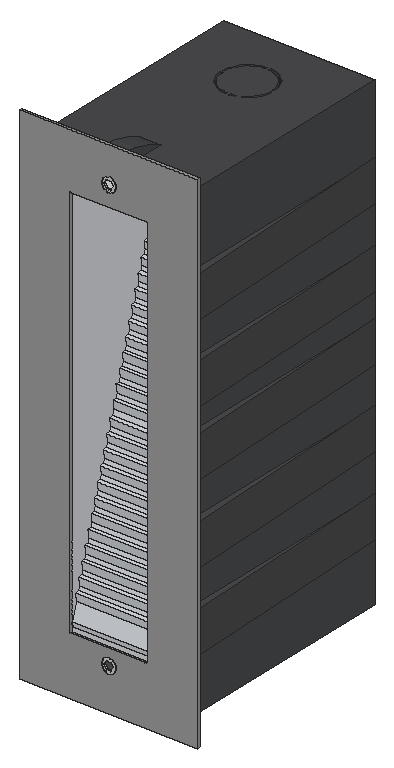
Revit family "WALL LIGHT 05_CM2W.1", category Luminarias, Revit 2019
Family settings
  Cota de conector redondo = Diámetro de uso
  Tipo de pieza = Normal
  Se basa en plano de trabajo = Sí
  Siempre vertical = No
  Corte con vacíos al cargar = No
  Origen de luz = Sí
  Compartido = No
  Punto de cálculo de habitación = No
Parameters (values of type "WALL LIGHT 05_CM2W.1")
  Ángulo de inclinación = 60.00°
  Zone [instance] = ""
  Watt per fixture = 2.7
  Wattage = 2.7 W
  built-in parameter 1150107 = 3000 (stored number, unit not read)
  built-in parameter 1150110 = 1 (stored number, unit not read)
  built-in parameter 1150109 = 1 (stored number, unit not read)
  built-in parameter 1150112 = 1 (stored number, unit not read)
  built-in parameter 1150113 = 1 (stored number, unit not read)
  built-in parameter 1114218 = 1 (stored number, unit not read)
  Keynote = ""
  built-in parameter 1150137 = (empty or 0)
  built-in parameter 1150132 = (empty or 0)
  Modelo = "CM2W.1"
  Lamp = ""
  Longitud [instance] = 1000 mm
  built-in parameter 1150105 = 4.3767 (stored number, unit not read)
  built-in parameter 1150102 = (empty or 0)
  built-in parameter 1150106 = 0.043767 (stored number, unit not read)
  Lumens = 54.999 lm
  Color Filter = 16777215
  built-in parameter 1114217 = 1 (stored number, unit not read)
  built-in parameter 1150139 = (empty or 0)
  Fabricante = "BRILLANT"
  Default Elevation = 0 mm
  built-in parameter 1150104 = 1.8924 (stored number, unit not read)
  Descripción = "LUMINARIA TIPO RECTANGULAR PARA EMPOTRAR EN MURO CON CUERPO DE ALUMINIO FUNDIDO A PRESION CUBIERTO CON POLVO GRIS OSCURO, IP 65 USO PARA INTERIORES O EXTERIORES CON CUERPO DE 0.8KG, CUENTA CON 1 LED CON UNA POTENCIA TOTAL DE 2.7W, A UNA TEMPERATURA EN BLANCO CALIDO 3000K CON 55 LUMENES, EFICIENCIA DE 20.37LM/W, IRC 80, IK10, APERTURA A 30 GRADOS EN STOCK, 40mA EN CORRIENTE DE OPERACIÓN, ALIMENTADA A 100-240V."
  built-in parameter 1150115 = 1 (stored number, unit not read)
  built-in parameter 1150114 = 1 (stored number, unit not read)
  Comentarios de vataje = "100-240V"
  built-in parameter 1150138 = (empty or 0)
  built-in parameter 1150134 = (empty or 0)
  Circuit [instance] = ""
  Dimming Lamp Color Temperature Shift = (empty or 0)
  Archivo de red fotométrica = "CM2W.1.IES"
  built-in parameter 1150133 = 10 (stored number, unit not read)
Reference planes
  plane 1 "Centro (Frontal/Posterior)": y = 0
  plane 2: z = 0
  plane 3 "Centro (Izquierda/Derecha)": x = 0
Forms (mm)
  Extrusion 1, solid, material "Acabado Blanco"
    sketch origin (0, 0, 0) x (1, 0, 0) y (0, 0, 1)
      loop
        line (-34.004, 195) -> (-34.004, 0) -> (33.996, 0) -> (33.996, 195) -> (-34.004, 195)
      loop
        line (-15, 173.7) -> (-15, 22.305) -> (15, 22.305) -> (15, 173.7) -> (-15, 173.7)
      loop
        circle (0, 16.302) r 2.697
      loop
        circle (0, 181.205) r 2.697
    from -1.076 to 0
  Extrusion 2, solid, material "Plastico"
    sketch origin (0, 0, 0) x (1, 0, 0) y (0, 0, 1)
      loop
        line (-28.918, 187.5) -> (-28.918, 7.5) -> (28.911, 7.5) -> (28.911, 187.5) -> (-28.918, 187.5)
      loop
        line (-27.718, 186.3) -> (-27.718, 8.7) -> (27.711, 8.7) -> (27.711, 186.3) -> (-27.718, 186.3)
    from -89.915 to -1.076
  Extrusion 3, solid, material "Plastico"
    sketch origin (0, 0, 0) x (1, 0, 0) y (0, 0, 1)
      loop
        line (-28.918, 187.5) -> (-28.918, 7.5) -> (28.911, 7.5) -> (28.911, 187.5) -> (-28.918, 187.5)
    from -90.976 to -89.915
  Extrusion 4, solid
    sketch origin (-5.531, 0, 17.605) x (0, 0, 1) y (0, -1, 0)
      loop
        line (155.869, -48.145) -> (157.595, -48.145) -> (157.595, -1.076) -> (156.095, -1.076) -> (156.095, -46.645) -> (153.369, -45.806) -> (153.097, -44.244) -> (150.032, -44.779) -> (148.552, -44.324) -> (148.28, -42.762) -> (145.215, -43.297) -> (143.736, -42.842) -> (143.463, -41.28) -> (140.398, -41.815) -> (138.919, -41.36) -> (138.646, -39.798) -> (135.581, -40.333) -> (134.102, -39.877) -> (133.829, -38.316) -> (130.764, -38.85) -> (128.835, -38.257) -> (128.562, -36.695) -> (125.497, -37.23) -> (124.018, -36.774) -> (123.745, -35.213) -> (120.68, -35.747) -> (119.201, -35.292) -> (118.928, -33.73) -> (115.863, -34.265) -> (114.384, -33.81) -> (114.112, -32.248) -> (111.046, -32.783) -> (109.567, -32.328) -> (109.295, -30.766) -> (106.229, -31.301) -> (104.75, -30.846) -> (104.478, -29.284) -> (101.413, -29.819) -> (99.934, -29.364) -> (99.661, -27.802) -> (96.596, -28.337) -> (95.117, -27.882) -> (94.844, -26.32) -> (91.779, -26.855) -> (90.3, -26.399) -> (90.027, -24.838) -> (86.962, -25.372) -> (85.483, -24.917) -> (85.21, -23.355) -> (82.145, -23.89) -> (80.666, -23.435) -> (80.394, -21.873) -> (77.328, -22.408) -> (75.849, -21.953) -> (75.577, -20.391) -> (72.512, -20.926) -> (70.582, -20.332) -> (70.309, -18.77) -> (67.244, -19.305) -> (65.765, -18.85) -> (65.493, -17.288) -> (62.427, -17.823) -> (60.948, -17.368) -> (60.676, -15.806) -> (57.611, -16.341) -> (56.131, -15.886) -> (55.859, -14.324) -> (52.794, -14.859) -> (51.315, -14.403) -> (51.042, -12.842) -> (47.977, -13.376) -> (46.498, -12.921) -> (46.225, -11.36) -> (43.16, -11.894) -> (41.681, -11.439) -> (41.408, -9.877) -> (38.343, -10.412) -> (36.864, -9.957) -> (36.592, -8.395) -> (33.526, -8.93) -> (32.047, -8.475) -> (31.775, -6.913) -> (28.709, -7.448) -> (27.23, -6.993) -> (26.958, -5.431) -> (23.893, -5.966) -> (22.414, -5.511) -> (22.141, -3.949) -> (19.076, -4.484) -> (17.597, -4.028) -> (17.324, -2.467) -> (14.259, -3.001) -> (8.003, -1.076) -> (4.748, -1.644) -> (155.869, -48.145)
    from -9.469 to 20.531
  Extrusion 5, solid
    sketch origin (0, 0, 0) x (1, 0, 0) y (0, 0, 1)
      loop
        line (-16.5, 175.2) -> (-16.5, 22.305) -> (16.5, 22.305) -> (16.5, 175.2) -> (-16.5, 175.2)
      loop
        line (-15, 23.805) -> (15, 23.805) -> (15, 173.7) -> (-15, 173.7) -> (-15, 23.805)
    from -1.076 to -48.145
  Extrusion 6, solid, material "Acero Inoxidable"
    sketch origin (0, 0, 0) x (1, 0, 0) y (0, 0, 1)
      loop
        line (-0.917, 182.793) -> (-1.834, 181.205) -> (-0.917, 179.616) -> (0.917, 179.616) -> (1.834, 181.205) -> (0.917, 182.793) -> (-0.917, 182.793)
      loop
        circle (0, 181.205) r 2.697
      loop
        line (0.917, 17.891) -> (-0.917, 17.891) -> (-1.834, 16.302) -> (-0.917, 14.713) -> (0.917, 14.713) -> (1.834, 16.302) -> (0.917, 17.891)
      loop
        circle (0, 16.302) r 2.697
    from -0.582 to 0
  Extrusion 7, solid, material "Plastico"
    sketch origin (-2.463, 0, 0) x (0, 1, 0) y (0, 0, -1)
      loop
        line (20.019, -187.5) -> (1.076, -187.5) -> (1.076, -192.5)
        arc (1.076, -192.5) -> (10.863, -191.193) -> (20.019, -187.5) r 39.501
    from -6.317 to 1.522
  Extrusion 8, solid, material "Plastico"
    sketch origin (-2.463, 0, 195) x (0, 1, 0) y (0, 0, -1)
      loop
        arc (20.019, 187.5) -> (10.863, 191.193) -> (1.076, 192.5) r 39.501
        line (1.076, 192.5) -> (1.076, 187.5) -> (20.019, 187.5)
    from -6.317 to 1.522
  Extrusion 9, solid, material "Plastico"
    sketch origin (0, 0, 86.531) x (0, -1, 0) y (1, 0, 0)
      loop
        line (-90.976, 28.911) -> (-1.076, 28.911) -> (-1.076, 32.051) -> (-90.976, 28.911)
      loop
        line (-92.098, -28.918) -> (-2.198, -32.059) -> (-2.198, -28.918) -> (-92.098, -28.918)
    from 3.233 to 19.034
  Extrusion 10, solid, material "Plastico"
    sketch origin (0, 0, 111.531) x (0, -1, 0) y (1, 0, 0)
      loop
        line (-90.976, 28.911) -> (-1.076, 28.911) -> (-1.076, 32.051) -> (-90.976, 28.911)
      loop
        line (-92.098, -28.918) -> (-2.198, -32.059) -> (-2.198, -28.918) -> (-92.098, -28.918)
    from 3.233 to 19.034
  Extrusion 11, solid, material "Plastico"
    sketch origin (0, 0, 141.531) x (0, -1, 0) y (1, 0, 0)
      loop
        line (-90.976, 28.911) -> (-1.076, 28.911) -> (-1.076, 32.051) -> (-90.976, 28.911)
      loop
        line (-92.098, -28.918) -> (-2.198, -32.059) -> (-2.198, -28.918) -> (-92.098, -28.918)
    from 3.233 to 19.034
  Extrusion 12, solid, material "Plastico"
    sketch origin (0, 0, 56.531) x (0, -1, 0) y (1, 0, 0)
      loop
        line (-90.976, 28.911) -> (-1.076, 28.911) -> (-1.076, 32.051) -> (-90.976, 28.911)
      loop
        line (-92.098, -28.918) -> (-2.198, -32.059) -> (-2.198, -28.918) -> (-92.098, -28.918)
    from 3.233 to 19.034
  Extrusion 13, solid, material "Plastico"
    sketch origin (0, 0, 26.531) x (0, -1, 0) y (1, 0, 0)
      loop
        line (-90.976, 28.911) -> (-1.076, 28.911) -> (-1.076, 32.051) -> (-90.976, 28.911)
      loop
        line (-92.098, -28.918) -> (-2.198, -32.059) -> (-2.198, -28.918) -> (-92.098, -28.918)
    from 3.233 to 19.034
  Extrusion 14, void
    sketch origin (0, 0, 0) x (1, 0, 0) y (0, 1, 0)
      loop
        line (-9.271, 65.853) -> (-10.072, 65.853)
        arc (-10.072, 65.853) -> (-7.199, 59.36) -> (-0.761, 56.368) r 10.089
        line (-0.761, 56.368) -> (-0.761, 57.171)
        arc (-0.761, 57.171) -> (-6.634, 59.926) -> (-9.271, 65.853) r 9.289
      loop
        line (-0.761, 75.686) -> (-0.761, 76.488)
        arc (-0.761, 76.488) -> (-7.199, 73.496) -> (-10.072, 67.003) r 10.089
        line (-10.072, 67.003) -> (-9.271, 67.003)
        arc (-9.271, 67.003) -> (-6.634, 72.93) -> (-0.761, 75.686) r 9.289
      loop
        arc (0.761, 75.686) -> (6.634, 72.93) -> (9.271, 67.003) r 9.289
        line (9.271, 67.003) -> (10.072, 67.003)
        arc (10.072, 67.003) -> (7.199, 73.496) -> (0.761, 76.488) r 10.089
        line (0.761, 76.488) -> (0.761, 75.686)
      loop
        line (0.761, 57.171) -> (0.761, 56.368)
        arc (0.761, 56.368) -> (7.199, 59.36) -> (10.072, 65.853) r 10.089
        line (10.072, 65.853) -> (9.271, 65.853)
        arc (9.271, 65.853) -> (6.634, 59.926) -> (0.761, 57.171) r 9.289
    from 7.5 to 8.7
  Extrusion 15, void
    sketch origin (0, 0, 197.505) x (0, -1, 0) y (1, 0, 0)
      loop
        line (-65.853, -9.271) -> (-65.853, -10.072)
        arc (-65.853, -10.072) -> (-59.36, -7.199) -> (-56.368, -0.761) r 10.089
        line (-56.368, -0.761) -> (-57.171, -0.761)
        arc (-57.171, -0.761) -> (-59.926, -6.634) -> (-65.853, -9.271) r 9.289
      loop
        line (-75.686, -0.761) -> (-76.488, -0.761)
        arc (-76.488, -0.761) -> (-73.496, -7.199) -> (-67.003, -10.072) r 10.089
        line (-67.003, -10.072) -> (-67.003, -9.271)
        arc (-67.003, -9.271) -> (-72.93, -6.634) -> (-75.686, -0.761) r 9.289
      loop
        arc (-75.686, 0.761) -> (-72.93, 6.634) -> (-67.003, 9.271) r 9.289
        line (-67.003, 9.271) -> (-67.003, 10.072)
        arc (-67.003, 10.072) -> (-73.496, 7.199) -> (-76.488, 0.761) r 10.089
        line (-76.488, 0.761) -> (-75.686, 0.761)
      loop
        line (-57.171, 0.761) -> (-56.368, 0.761)
        arc (-56.368, 0.761) -> (-59.36, 7.199) -> (-65.853, 10.072) r 10.089
        line (-65.853, 10.072) -> (-65.853, 9.271)
        arc (-65.853, 9.271) -> (-59.926, 6.634) -> (-57.171, 0.761) r 9.289
    from -11.205 to -10.005
Cuts and joins
  Extrusion 14, Extrusion 15 cuts Extrusion 2
  Extrusion 14, Extrusion 15 cuts Extrusion 3
  joined: Extrusion 2, Extrusion 3
Dimensions and locks
  plane 1 "Centro (Frontal/Posterior)" to Extrusion 2 = 89.915 mm
  cut or joined group of Extrusion 2, Extrusion 3, Extrusion 14, Extrusion 15 to cut or joined group of Extrusion 2, Extrusion 3, Extrusion 14, Extrusion 15 = 57.829 mm
  aligned and locked: level to plane 2
  aligned and locked: Extrusion 2 to Extrusion 3
Connectors
  electrical at (-0.004, 90.976, 97.5)
    settings: on cut or joined group of Extrusion 2, Extrusion 3, Extrusion 14, Extrusion 15, index 1, voltage 240 V, apparent load 0 VA, apparent load phase1 0 VA, apparent load phase2 0 VA, apparent load phase3 0 VA, power factor 1, load classification "Otro", number of poles 1, system type 31, power factor state 1, is connector primary yes, connector utility no, sub classification motor no, connector description ""
